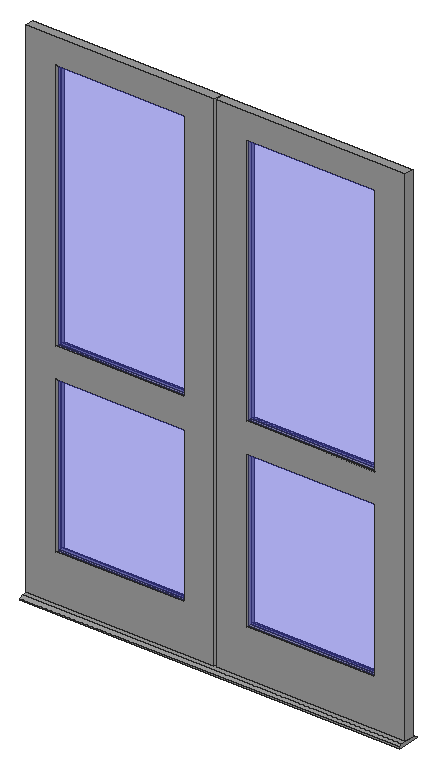
Revit family "WS-500 DOOR-Double-VIP-1-SF_v04", category Curtain Panels, Revit 2015
Parameters
  Width [instance] = 6' - 2"
  VIP1 Panic Devices [instance] = no
  URL = "obe.com"
  Rough Width [instance] = 6' - 0"
  Offset [instance] = 0' - 0"
  Model = "WS-500 - 1\" DOOR\r\nWS-500 - 1\" Door Infill"
  Min Panel Width [instance] = if(Rough Width > 5' 11 255/256", Rough Width, 6' 0")  # 6' - 0"
  Manufacturer = "Oldcastle BuildingEnvelope®"
  Keynote = "08 11 00"
  Hinge [instance] = yes
  Height [instance] = 8' - 0"
  Pushbar Height [instance] = 3' - 5 1/4"  # constant formula
  Glass Material = Glass
  Frame Material = Aluminum
  Door Panel Height [instance] = Height + 0' 0 17/32"  # 8' - 0 17/32"
  Description = "WS-500 - 1\" Door Infill"
  Assembly Code = "B2030\r\nB2030\r\n"
  Analytic Construction = "<None>"
  8 Bottom Rail [instance] = yes
Reference planes (in)
  plane 1 "Front": y = 0
  plane 2: z = 0
  plane 3 "Center (Left/Right)": x = 0
  plane 4 "Left": x = -37
  plane 5 "Right": x = 37
  plane 6 "Top": z = 96
  plane 7: x = -36
  plane 8: x = 36
Text (in)
  text "Exterior" at (-54.29358, 31.38743, 0), in view "Ref. Level"
  text "Exterior" at (480, 41.53993, 89.60405), in view "Right"
  text "Exterior" at (-240, 57.82419, 105.78864), in view "Left"
Dimensions and locks (in)
  equal spacing: plane 4 "Left", plane 3 "Center (Left/Right)", plane 5 "Right"
  "Width": plane 4 "Left" to plane 5 "Right"
  "Height": plane 6 "Top" to plane 2
  equal spacing: plane 7, plane 3 "Center (Left/Right)", plane 8
  "Min Panel Width": plane 7 to plane 8
  aligned and locked: level to plane 2
  aligned and locked: plane 3 "Center (Left/Right)" to nested 1
  aligned and locked: plane 1 "Front" to nested 1
Nested families (in)
  nested 1: "WS-500 DOOR-Double-VIP-1-Panel_v03" at (0, -16, 0), VIP1 Panic Devices <- "VIP1 Panic Devices", Hinge <- "Hinge", 8 Bottom Rail <- "8 Bottom Rail", Height <- "Door Panel Height", Width <- "Min Panel Width", Glass Material <- "Glass Material", Frame Material <- "Frame Material", Offset <- "Offset", type "WS-500 DOOR-Double-VIP-1-Panel_v03"
    with Wing Width 3' - 0", built-in parameter 1001301 6' - 0", VIP1 Panic Devices no, Pushbar Height 3' - 5 1/4", Offset 0' - 0", Hinge yes, built-in parameter 1001300 8' - 0 17/32", Glass at Muntin 0' - 4 15/16", Glass Material Glass, Frame Material Aluminum, Bottom Rail 0' - 9 5/32", 8 Bottom Rail yes, 10 Bottom Rail no
Definition of nested family "WS-500 DOOR-Double-VIP-1-Panel_v03"
  Parameters (values of type "WS-500 DOOR-Double-VIP-1-Panel_v03")
    Wing Width [instance] = Width / 2  # 3' - 0"
    Width [instance] = 6' - 0"
    VIP1 Panic Devices [instance] = no
    URL = "obe.com"
    Offset [instance] = 0' - 1"
    Model = "WS-500 DOOR"
    Manufacturer = "Oldcastle BuildingEnvelope®"
    Keynote = "08 11 00\r\n08 11 00"
    Hinge [instance] = yes
    Height [instance] = 8' - 0"
    Glass at Muntin [instance] = if(VIP1 Panic Devices, 0' 8 15/16", 0' 4 15/16")  # 0' - 4 15/16"
    Pushbar Height [instance] = 3' - 5 1/4"  # constant formula
    Glass Material [instance] = none
    Frame Material [instance] = none
    Description = "WS-500 - 1\" Door Infill"
    Bottom Rail [instance] = if([8 Bottom Rail], 0' 9 5/32", 0' 11 5/32")  # 0' - 9 5/32"
    Assembly Code = "B2030"
    8 Bottom Rail [instance] = yes
    10 Bottom Rail [instance] = not([8 Bottom Rail])  # no
  Reference planes (in)
    plane 1 "Center": y = 14.0625
    plane 2: z = 0
    plane 3 "Center (Left/Right)": x = 0
    plane 4: z = 96
    plane 5: x = 36
    plane 6: x = -36
    plane 7 "Center (Front/Back)": y = 16
    plane 8 "Exterior": y = 14.5625
    plane 9: z = 48
    plane 10: z = 38.78125
    plane 11: z = 43.71875
    plane 12: z = 91
    plane 13: z = 9.15625
    plane 14 "Offset": y = 15
    plane 15: z = 41.25
  Forms (in)
    Sweep 1, solid, material <- "Frame Material"
      path origin (0, 14.0625, 0) x (1, 0, 0) y (0, 0, 1)
        loop
          line (-35.56475, 96) -> (-0.22004, 96)
      profile origin (-17.8924, 14.0625, 96) x (0, 0, 1) y (0, -1, 0)
        loop
          line (-0.53125, -0.875) -> (-0.53125, 0.875) -> (-5.28125, 0.875) -> (-5.28125, 0.5) -> (-5, 0.5) -> (-5, -0.5) -> (-5.28125, -0.5) -> (-5.28125, -0.875) -> (-0.53125, -0.875)
    Sweep 2, solid, material <- "Frame Material"
      path origin (0, 14.0625, 0) x (1, 0, 0) y (0, 0, 1)
        loop
          line (-0.22004, 0) -> (-35.56475, 0)
      profile origin (-17.8924, 14.0625, 0) x (0, 0, -1) y (0, -1, 0)
        loop
          line (-5.4375, -0.875) -> (-0.6875, -0.875) -> (-0.6875, 0.875) -> (-5.4375, 0.875) -> (-9.4375, 0.875) -> (-9.4375, 0.5) -> (-9.15625, 0.5) -> (-9.15625, -0.5) -> (-9.4375, -0.5) -> (-9.4375, -0.875) -> (-5.4375, -0.875)
    Sweep 3, solid, material <- "Frame Material"
      path origin (0, 14.0625, 0) x (1, 0, 0) y (0, 0, 1)
        loop
          line (36, 95.46875) -> (36, 0.6875)
      profile origin (36, 14.0625, 48.07812) x (0, -1, 0) y (1, 0, 0)
        loop
          line (-0.875, -0.32625) -> (-0.875, -6.07625) -> (-0.5, -6.07625) -> (-0.5, -5.795) -> (0.5, -5.795) -> (0.5, -6.07625) -> (0.875, -6.07625) -> (0.875, -0.43525) -> (-0.875, -0.32625)
    Sweep 4, solid, material <- "Frame Material"
      path origin (0, 14.0625, 0) x (1, 0, 0) y (0, 0, 1)
        loop
          line (-36, 95.46875) -> (-36, 0.6875)
      profile origin (-36, 14.0625, 48.07812) x (0, -1, 0) y (1, 0, 0)
        loop
          line (-0.875, 0.32625) -> (0.875, 0.43525) -> (0.875, 6.07625) -> (0.5, 6.07625) -> (0.5, 5.795) -> (-0.5, 5.795) -> (-0.5, 6.07625) -> (-0.875, 6.07625) -> (-0.875, 0.32625)
    Sweep 5, solid, material <- "Frame Material"
      path origin (0, 14.0625, 0) x (1, 0, 0) y (0, 0, 1)
        loop
          line (-5.53125, 48) -> (-30.205, 48)
      profile origin (-17.86813, 14.0625, 48) x (0, 0, -1) y (0, -1, 0)
        loop
          line (9.5, -0.875) -> (9.5, -0.5) -> (9.21875, -0.5) -> (9.21875, 0.5) -> (9.5, 0.5) -> (9.5, 0.875) -> (4, 0.875) -> (4, 0.5) -> (4.28125, 0.5) -> (4.28125, -0.5) -> (4, -0.5) -> (4, -0.875) -> (9.5, -0.875)
    Sweep 6, solid, material <- "Frame Material"
      path origin (0, 14.0625, 0) x (1, 0, 0) y (0, 0, 1)
        loop
          line (0, 95.46875) -> (0, 0.6875)
      profile origin (0, 14.0625, 48.07812) x (0, -1, 0) y (1, 0, 0)
        loop
          line (-0.875, -0.22063) -> (-0.875, -5.8125) -> (-0.5, -5.8125) -> (-0.5, -5.53125) -> (0.5, -5.53125) -> (0.5, -5.8125) -> (0.875, -5.8125) -> (0.875, -0.22063)
          arc (0.875, -0.22063) -> (0, -0.0625) -> (-0.875, -0.22063) r 2.5
        loop
          line (0.875, 5.8125) -> (0.5, 5.8125) -> (0.5, 5.53125) -> (-0.5, 5.53125) -> (-0.5, 5.8125) -> (-0.875, 5.8125) -> (-0.875, 0.22063)
          arc (-0.875, 0.22063) -> (0, 0.0625) -> (0.875, 0.22063) r 2.5
          line (0.875, 0.22063) -> (0.875, 5.8125)
    Sweep 7, solid, material <- "Frame Material"
      path origin (0, 14.0625, 0) x (1, 0, 0) y (0, 0, 1)
        loop
          line (0.22004, 96) -> (35.56475, 96)
      profile origin (17.8924, 14.0625, 96) x (0, 0, 1) y (0, -1, 0)
        loop
          line (-0.53125, -0.875) -> (-0.53125, 0.875) -> (-5.28125, 0.875) -> (-5.28125, 0.5) -> (-5, 0.5) -> (-5, -0.5) -> (-5.28125, -0.5) -> (-5.28125, -0.875) -> (-0.53125, -0.875)
    Sweep 8, solid, material <- "Frame Material"
      path origin (0, 14.0625, 0) x (1, 0, 0) y (0, 0, 1)
        loop
          line (30.205, 48) -> (5.53125, 48)
      profile origin (17.86813, 14.0625, 48) x (0, 0, -1) y (0, -1, 0)
        loop
          line (9.5, -0.875) -> (9.5, -0.5) -> (9.21875, -0.5) -> (9.21875, 0.5) -> (9.5, 0.5) -> (9.5, 0.875) -> (4, 0.875) -> (4, 0.5) -> (4.28125, 0.5) -> (4.28125, -0.5) -> (4, -0.5) -> (4, -0.875) -> (9.5, -0.875)
    Sweep 9, solid, material <- "Frame Material"
      path origin (0, 14.0625, 0) x (1, 0, 0) y (0, 0, 1)
        loop
          line (35.56475, 0) -> (0.22004, 0)
      profile origin (17.8924, 14.0625, 0) x (0, 0, -1) y (0, -1, 0)
        loop
          line (-9.4375, -0.5) -> (-9.4375, -0.875) -> (-0.6875, -0.875) -> (-0.6875, 0.875) -> (-9.4375, 0.875) -> (-9.4375, 0.5) -> (-9.15625, 0.5) -> (-9.15625, -0.5) -> (-9.4375, -0.5)
    Extrusion 10, solid, material <- "Glass Material", detail levels coarse
      sketch origin (0, 0, 0) x (1, 0, 0) y (0, 1, 0)
        loop
          line (-30.205, 14.5625) -> (-30.205, 13.5625) -> (-5.53125, 13.5625) -> (-5.53125, 14.5625) -> (-30.205, 14.5625)
      from 9.15625 to 38.78125
    Extrusion 11, solid, material <- "Glass Material", detail levels coarse
      sketch origin (0, 0, 0) x (1, 0, 0) y (0, 1, 0)
        loop
          line (5.53125, 14.5625) -> (5.53125, 13.5625) -> (30.205, 13.5625) -> (30.205, 14.5625) -> (5.53125, 14.5625)
      from 9.15625 to 38.78125
    Extrusion 12, solid, material <- "Glass Material", detail levels coarse
      sketch origin (0, 0, 0) x (1, 0, 0) y (0, 1, 0)
        loop
          line (-5.53125, 14.5625) -> (-30.205, 14.5625) -> (-30.205, 13.5625) -> (-5.53125, 13.5625) -> (-5.53125, 14.5625)
      from 43.71875 to 91
    Extrusion 13, solid, material <- "Glass Material", detail levels coarse
      sketch origin (0, 0, 0) x (1, 0, 0) y (0, 1, 0)
        loop
          line (30.205, 14.5625) -> (5.53125, 14.5625) -> (5.53125, 13.5625) -> (30.205, 13.5625) -> (30.205, 14.5625)
      from 43.71875 to 91
    Extrusion 14, solid, material <- "Glass Material", detail levels medium+fine
      sketch origin (0, 0, 0) x (1, 0, 0) y (0, 1, 0)
        loop
          line (5.53125, 13.5625) -> (30.205, 13.5625) -> (30.205, 13.8105) -> (5.53125, 13.8105) -> (5.53125, 13.5625)
        loop
          line (30.205, 14.5625) -> (5.53125, 14.5625) -> (5.53125, 14.3145) -> (30.205, 14.3145) -> (30.205, 14.5625)
      from 9.15625 to 38.78125
    Extrusion 15, solid, material <- "Glass Material", detail levels medium+fine
      sketch origin (0, 0, 0) x (1, 0, 0) y (0, 1, 0)
        loop
          line (30.205, 13.5625) -> (30.205, 13.8105) -> (5.53125, 13.8105) -> (5.53125, 13.5625) -> (30.205, 13.5625)
        loop
          line (5.53125, 14.5625) -> (5.53125, 14.3145) -> (30.205, 14.3145) -> (30.205, 14.5625) -> (5.53125, 14.5625)
      from 43.71875 to 91
    Extrusion 16, solid, material <- "Glass Material", detail levels medium+fine
      sketch origin (0, 0, 0) x (1, 0, 0) y (0, 1, 0)
        loop
          line (-5.53125, 13.5625) -> (-5.53125, 13.8105) -> (-30.205, 13.8105) -> (-30.205, 13.5625) -> (-5.53125, 13.5625)
        loop
          line (-30.205, 14.5625) -> (-30.205, 14.3145) -> (-5.53125, 14.3145) -> (-5.53125, 14.5625) -> (-30.205, 14.5625)
      from 43.71875 to 91
    Extrusion 17, solid, material <- "Glass Material", detail levels medium+fine
      sketch origin (0, 0, 0) x (1, 0, 0) y (0, 1, 0)
        loop
          line (-30.205, 13.5625) -> (-5.53125, 13.5625) -> (-5.53125, 13.8105) -> (-30.205, 13.8105) -> (-30.205, 13.5625)
        loop
          line (-5.53125, 14.5625) -> (-30.205, 14.5625) -> (-30.205, 14.3145) -> (-5.53125, 14.3145) -> (-5.53125, 14.5625)
      from 9.15625 to 38.78125
    Sweep 18, solid, material <- "Frame Material"
      path origin (0, 15, 0) x (1, 0, 0) y (0, 0, 1)
        loop
          line (-35.56475, 0) -> (35.56475, 0)
      profile origin (0, 15, 0) x (0, 0, 1) y (0, -1, 0)
        loop
          line (0.5, 2.468) -> (0.19364, 3.125) -> (0, 3.125) -> (0, -0.875) -> (0.19364, -0.875) -> (0.5, -0.218) -> (0.5, 2.468)
  Cuts and joins
    joined: Sweep 1, Sweep 2, Sweep 3, Sweep 4, Sweep 5, Sweep 6, Sweep 7, Sweep 8, Sweep 9
  Lines and regions (in)
    model lines
      curve 1: line (5.53125, 14.5625, 91) -> (30.205, 14.5625, 48)
      curve 2: line (30.205, 14.5625, 48) -> (5.53125, 14.5625, 9.15625)
      curve 3: line (-5.53125, 14.5625, 91) -> (-30.205, 14.5625, 48)
      curve 4: line (-30.205, 14.5625, 48) -> (-5.53125, 14.5625, 9.15625)
  Dimensions and locks (in)
    "Height": plane 4 to level
    "Width": plane 6 to plane 5
    equal spacing: level, plane 9, plane 4
    locked: Sweep 2 sketch curve to plane 6 at 0.43525
    locked: plane 3 "Center (Left/Right)" to Sweep 2 sketch curve at 0.22004
    locked: Sweep 3 sketch curve to plane 4 at 0.53125
    locked: Sweep 4 sketch curve to plane 4 at 0.53125
    locked: Sweep 1 sketch curve to plane 6 at 0.43525
    locked: plane 3 "Center (Left/Right)" to Sweep 1 sketch curve at 0.22004
    locked: plane 3 "Center (Left/Right)" to Sweep 5 sketch curve at 5.53125
    locked: Sweep 5 sketch curve to plane 6 at 5.795
    locked: Sweep 7 sketch curve to plane 3 "Center (Left/Right)" at 0.22004
    locked: plane 5 to Sweep 7 sketch curve at 0.43525
    locked: plane 5 to Sweep 8 sketch curve at 5.795
    Sweep 8 sketch curve to plane 3 "Center (Left/Right)" = 0' - 5 17/32"
    locked: plane 5 to Sweep 9 sketch curve at 0.43525
    locked: Sweep 9 sketch curve to plane 3 "Center (Left/Right)" at 0.22004
    Extrusion 11 sketch curve to plane 1 "Center" to Extrusion 11 sketch curve = 0' - 0 1/2", 0' - 0 1/2"
    locked: Extrusion 11 sketch curve to plane 5 at 5.795
    plane 3 "Center (Left/Right)" to Extrusion 11 sketch curve = 0' - 5 17/32"
    Extrusion 10 sketch curve to plane 1 "Center" to Extrusion 10 sketch curve = 0' - 0 1/2" locked, 0' - 0 1/2" locked
    locked: plane 6 to Extrusion 10 sketch curve at 5.795
    locked: Extrusion 10 sketch curve to plane 3 "Center (Left/Right)" at 5.53125
    locked: plane 6 to Extrusion 12 sketch curve at 5.795
    locked: Extrusion 12 sketch curve to plane 3 "Center (Left/Right)" at 5.53125
    Extrusion 12 sketch curve to plane 1 "Center" to Extrusion 12 sketch curve = 0' - 0 1/2" locked, 0' - 0 1/2" locked
    Extrusion 13 sketch curve to plane 1 "Center" to Extrusion 13 sketch curve = 0' - 0 1/2" locked, 0' - 0 1/2" locked
    locked: Extrusion 13 sketch curve to plane 5 at 5.795
    locked: plane 3 "Center (Left/Right)" to Extrusion 13 sketch curve at 5.53125
    "Glass at Muntin": plane 10 to plane 11
    locked: plane 12 to plane 4 at 5
    locked: Sweep 8 sketch curve to plane 10 at 0.28125  (x2)
    locked: plane 11 to Sweep 8 sketch curve at 0.28125  (x2)
    locked: Extrusion 14 sketch curve to plane 5 at 5.795  (x2)
    locked: plane 3 "Center (Left/Right)" to Extrusion 14 sketch curve at 5.53125  (x2)
    Extrusion 14 sketch curve to Extrusion 14 sketch curve to plane 1 "Center" to Extrusion 14 sketch curve to Extrusion 14 sketch curve = 0' - 0.248" locked, 0' - 0.252" locked, 0' - 0.252" locked, 0' - 0.248" locked
    Extrusion 15 sketch curve to Extrusion 15 sketch curve to plane 1 "Center" to Extrusion 15 sketch curve to Extrusion 15 sketch curve = 0' - 0.248" locked, 0' - 0.252" locked, 0' - 0.252" locked, 0' - 0.248" locked
    locked: Extrusion 15 sketch curve to plane 5 at 5.795  (x2)
    locked: plane 3 "Center (Left/Right)" to Extrusion 15 sketch curve at 5.53125  (x2)
    locked: Sweep 5 sketch curve to plane 10 at 0.28125  (x2)
    locked: plane 11 to Sweep 5 sketch curve at 0.28125  (x2)
    Extrusion 16 sketch curve to Extrusion 16 sketch curve to nested 1 to Extrusion 16 sketch curve to Extrusion 16 sketch curve = 0' - 0.248" locked, 0' - 0.252" locked, 0' - 0.252" locked, 0' - 0.248" locked
    locked: plane 6 to Extrusion 16 sketch curve at 5.795  (x2)
    locked: Extrusion 16 sketch curve to plane 3 "Center (Left/Right)" at 5.53125  (x2)
    Extrusion 17 sketch curve to Extrusion 17 sketch curve to plane 1 "Center" to Extrusion 17 sketch curve to Extrusion 17 sketch curve = 0' - 0.248" locked, 0' - 0.252" locked, 0' - 0.252" locked, 0' - 0.248" locked
    locked: plane 6 to Extrusion 17 sketch curve at 5.795  (x2)
    locked: Extrusion 17 sketch curve to plane 3 "Center (Left/Right)" at 5.53125  (x2)
    locked: plane 4 to Sweep 6 sketch curve at 0.53125
    locked: plane 13 to Sweep 9 sketch curve at 0.28125  (x2)
    "Bottom Rail": plane 2 to plane 13
    equal spacing: plane 6, plane 3 "Center (Left/Right)", plane 5
    locked: plane 13 to Sweep 2 sketch curve at 0.28125  (x2)
    plane 1 "Center" to plane 8 "Exterior" to plane 14 "Offset" = 0' - 0 1/2" locked, 0' - 0 7/16" locked
    "Offset": plane 14 "Offset" to plane 7 "Center (Front/Back)"
    equal spacing: plane 10, plane 15, plane 11
    "Pushbar Height": plane 2 to plane 15
    locked: plane 5 to Sweep 18 sketch curve at 0.43525
    locked: Sweep 18 sketch curve to plane 6 at 0.43525
    locked: Sweep 4 sketch curve to plane 2 at 0.6875
    locked: Sweep 6 sketch curve to plane 2 at 0.6875
    locked: Sweep 3 sketch curve to plane 2 at 0.6875
    aligned and locked: plane 2 to level
    aligned and locked: plane 1 "Center" to nested 1
    aligned and locked: plane 3 "Center (Left/Right)" to nested 1
    aligned and locked: Sweep 1 sketch curve to plane 4
    aligned and locked: Sweep 2 sketch curve to level
    aligned and locked: level to nested 2
    aligned and locked: nested 2 to plane 1 "Center"
    aligned and locked: plane 5 to Sweep 3 sketch curve
    aligned and locked: plane 6 to Sweep 4 sketch curve
    aligned and locked: Sweep 5 sketch curve to plane 9
    aligned and locked: plane 3 "Center (Left/Right)" to Sweep 6 sketch curve
    aligned and locked: Sweep 9 sketch curve to level
    aligned and locked: Sweep 8 sketch curve to plane 9
    aligned and locked: plane 4 to Sweep 7 sketch curve
    aligned and locked: Sweep 8 sketch curve to plane 11
    aligned and locked: plane 10 to Sweep 8 sketch curve
    aligned and locked: plane 10 to Extrusion 11
    aligned and locked: plane 10 to Extrusion 14
    aligned and locked: Extrusion 13 to plane 11
    aligned and locked: plane 12 to Extrusion 13
    aligned and locked: plane 12 to Extrusion 15
    aligned and locked: Extrusion 15 to plane 11
    aligned and locked: Sweep 5 sketch curve to plane 11
    aligned and locked: plane 10 to Sweep 5 sketch curve
    aligned and locked: Extrusion 12 to plane 11
    aligned and locked: Extrusion 16 to plane 11
    aligned and locked: plane 12 to Extrusion 12
    aligned and locked: plane 12 to Extrusion 16
    aligned and locked: Extrusion 17 to plane 10
    aligned and locked: Extrusion 10 to plane 10
    aligned and locked: cut or joined group of Sweep 1, Sweep 2, Sweep 3, Sweep 4, Sweep 5, Sweep 6, Sweep 7, Sweep 8, Sweep 9 to curve 2
    aligned and locked: cut or joined group of Sweep 1, Sweep 2, Sweep 3, Sweep 4, Sweep 5, Sweep 6, Sweep 7, Sweep 8, Sweep 9 to curve 1
    aligned and locked: cut or joined group of Sweep 1, Sweep 2, Sweep 3, Sweep 4, Sweep 5, Sweep 6, Sweep 7, Sweep 8, Sweep 9 to curve 3
    aligned and locked: cut or joined group of Sweep 1, Sweep 2, Sweep 3, Sweep 4, Sweep 5, Sweep 6, Sweep 7, Sweep 8, Sweep 9 to curve 4
    aligned and locked: plane 13 to Extrusion 11
    aligned and locked: plane 13 to Extrusion 14
    aligned and locked: plane 9 to curve 4
    aligned and locked: plane 9 to curve 2
    aligned and locked: Sweep 2 sketch curve to plane 13
    aligned and locked: plane 13 to Extrusion 10
    aligned and locked: plane 13 to Extrusion 17
    aligned and locked: Sweep 18 sketch curve to plane 2
  Automatic sketch dimensions
    Sweep 4 sketch curve to plane 1 "Center" = 0' - 0 7/8"
    Sweep 4 sketch curve to profile plane = 0' - 0.32625"
    plane 1 "Center" to Sweep 4 sketch curve = 0' - 0 7/8"
    Sweep 4 sketch curve to Sweep 4 sketch curve = 0' - 0.109"
    Sweep 4 sketch curve to Sweep 4 sketch curve = 0' - 5 3/4"
    Sweep 4 sketch curve to Sweep 4 sketch curve = 0' - 0"
    Sweep 4 sketch curve to Sweep 4 sketch curve = 0' - 0 3/8"  (x2)
    Sweep 4 sketch curve to Sweep 4 sketch curve = 0' - 0 9/32"
    plane 1 "Center" to Sweep 6 sketch curve = 0' - 0"
    profile plane to Sweep 6 sketch curve = 0' - 0.22063"  (x2)
    Sweep 6 sketch curve to Sweep 6 sketch curve = 0' - 2.34187"  (x2)
    Sweep 6 sketch curve to Sweep 6 sketch curve = 0' - 3 1/4"
    Sweep 6 sketch curve to Sweep 6 sketch curve = 0' - 0 3/8"  (x4)
    Sweep 6 sketch curve to Sweep 6 sketch curve = 0' - 0 9/32"  (x4)
    plane 1 "Center" to Sweep 6 sketch curve = 0' - 0 1/2"
    plane 1 "Center" to Sweep 6 sketch curve = 0' - 0 7/8"
    Sweep 6 sketch curve to profile plane = 0' - 5 13/16"
    Sweep 6 sketch curve to profile plane = 0' - 0.22063"  (x2)
    Sweep 6 sketch curve to plane 1 "Center" = 0' - 0 1/2"
    Sweep 3 sketch curve to plane 1 "Center" = 0' - 0 7/8"
    profile plane to Sweep 3 sketch curve = 0' - 0.43525"
    Sweep 3 sketch curve to Sweep 3 sketch curve = 0' - 0.109"
    Sweep 3 sketch curve to Sweep 3 sketch curve = 0' - 5 3/4"
    Sweep 3 sketch curve to Sweep 3 sketch curve = 0' - 0 3/8"  (x2)
    Sweep 3 sketch curve to Sweep 3 sketch curve = 0' - 0 9/32"  (x2)
    plane 1 "Center" to Sweep 3 sketch curve = 0' - 0 1/2"
    Sweep 8 sketch curve to plane 1 "Center" = 0' - 0 7/8"
    Sweep 8 sketch curve to Sweep 8 sketch curve = 0' - 0 3/8"  (x4)
    plane 1 "Center" to Sweep 8 sketch curve = 0' - 0 1/2"
    Sweep 9 sketch curve to Sweep 9 sketch curve = 0' - 0 3/8"  (x2)
    plane 1 "Center" to Sweep 9 sketch curve = 0' - 0 1/2"
    profile plane to Sweep 9 sketch curve = 0' - 0 11/16"
    profile plane to Sweep 1 sketch curve = 0' - 0 17/32"
    Sweep 1 sketch curve to plane 1 "Center" = 0' - 0 7/8"
    Sweep 1 sketch curve to Sweep 1 sketch curve = 0' - 4 3/4"
    plane 1 "Center" to Sweep 1 sketch curve = 0' - 0 7/8"
    Sweep 1 sketch curve to Sweep 1 sketch curve = 0' - 0"
    Sweep 1 sketch curve to Sweep 1 sketch curve = 0' - 0 3/8"  (x2)
    Sweep 1 sketch curve to Sweep 1 sketch curve = 0' - 0 9/32"
    plane 1 "Center" to Sweep 5 sketch curve = 0' - 0 7/8"
    Sweep 5 sketch curve to plane 1 "Center" = 0' - 0 1/2"
    Sweep 5 sketch curve to Sweep 5 sketch curve = 0' - 0 3/8"  (x4)
    profile plane to Sweep 7 sketch curve = 0' - 0 17/32"
    Sweep 7 sketch curve to plane 1 "Center" = 0' - 0 7/8"
    Sweep 7 sketch curve to Sweep 7 sketch curve = 0' - 4 3/4"
    plane 1 "Center" to Sweep 7 sketch curve = 0' - 0 7/8"
    Sweep 7 sketch curve to Sweep 7 sketch curve = 0' - 0"
    Sweep 7 sketch curve to Sweep 7 sketch curve = 0' - 0 3/8"  (x2)
    Sweep 7 sketch curve to Sweep 7 sketch curve = 0' - 0 9/32"
    plane 1 "Center" to Sweep 2 sketch curve = 0' - 0 7/8"
    plane 1 "Center" to Sweep 2 sketch curve = 0' - 0 1/2"
    Sweep 2 sketch curve to Sweep 2 sketch curve = 0' - 3 23/32"
    Sweep 2 sketch curve to plane 1 "Center" = 0' - 0 1/2"
    Sweep 2 sketch curve to Sweep 2 sketch curve = 0' - 0"
    Sweep 9 sketch curve to Sweep 9 sketch curve = 0' - 0 9/32"
    curve 2 to plane 13 = 0' - 0"
    curve 4 to plane 13 = 0' - 0"
    curve 3 to plane 12 = 0' - 0"
    curve 1 to plane 12 = 0' - 0"
    plane 6 to curve 3 = 0' - 5.795"
    curve 2 to plane 5 = 0' - 5.795"
    Sweep 2 sketch curve to plane 1 "Center" = 0' - 0 7/8"
    profile plane to Sweep 2 sketch curve = 0' - 0 11/16"
    Sweep 9 sketch curve to plane 1 "Center" = 0' - 0 7/8"
    Sweep 18 sketch curve to profile plane = 0' - 0.19364"  (x2)
    Sweep 18 sketch curve to plane 14 "Offset" = 0' - 0 7/8"
    Sweep 18 sketch curve to plane 14 "Offset" = 0' - 0.218"
    Sweep 18 sketch curve to Sweep 18 sketch curve = 0' - 2.686"
    Sweep 18 sketch curve to profile plane = 0' - 0"
    Sweep 18 sketch curve to profile plane = 0' - 0 1/2"
    Sweep 18 sketch curve to Sweep 18 sketch curve = 0' - 0.657"
  Nested families (in)
    nested 1: "WS-500 DOOR-Double-VIP-1-Plan View" at (0, 14.0625, 0), Width <- "Width", Wing Width <- "Wing Width", Hinge <- "Hinge", type "WS-500 DOOR-Double-VIP-1-Plan View"
      with Wing Width 3' - 0", Width 6' - 0", Hinge yes
    nested 2: "WS-500 DOOR-Double-VIP-1-Section_v02" at (0, 14.0625, 0) x (0, -1, 0) z (1, 0, 0), Height <- "Height", VIP1 Panic Devices <- "VIP1 Panic Devices", 8 Bottom Rail <- "8 Bottom Rail", type "WS-500 DOOR-Double-VIP-1-Section_v02"
      with VIP2 Panic Devices yes, VIP1 Panic Devices no, Pushbar Height 3' - 5 1/4", Height 8' - 0", Glass at Muntins 0' - 4 15/16", Bottom Rail 0' - 9 5/32", 8 Bottom Rail yes, 10 Bottom Rail no
  Definition of nested family "WS-500 DOOR-Double-VIP-1-Plan View"
    Parameters (values of type "WS-500 DOOR-Double-VIP-1-Plan View")
      Wing Width [instance] = Width / 2  # 2' - 6"
      Width [instance] = 5' - 0"
      Hinge [instance] = yes
    Reference planes (in)
      plane 1 "Center (Front/Back)": y = 0
      plane 2: z = 0
      plane 3 "Center (Left/Right)": x = 0
      plane 4: x = -30
      plane 5: x = 30
      plane 6: x = 28.68437
      plane 7: x = -28.68437
    Lines and regions (in)
      detail lines, in view "Ref. Level", not visible
        curve 1: line (-24.205, 0.5, 0) -> (-5.53125, 0.5, 0)
        curve 2: line (-24.205, -0.5, 0) -> (-5.53125, -0.5, 0)
        curve 8: line (5.53125, -0.5, 0) -> (24.205, -0.5, 0)
        curve 9: line (5.53125, 0.5, 0) -> (24.205, 0.5, 0)
        curve 27: line (-24.205, -0.252, 0) -> (-5.53125, -0.252, 0)
        curve 28: line (-24.205, 0.252, 0) -> (-5.53125, 0.252, 0)
        curve 29: line (5.53125, 0.252, 0) -> (24.205, 0.252, 0)
        curve 30: line (5.53125, -0.252, 0) -> (24.205, -0.252, 0)
      detail lines, in view "Ref. Level"
        curve 3: line (28.18437, 6.91175, 0) -> (28.18437, 24.46956, 0)
        curve 7: line (29.18437, 6.91175, 0) -> (29.18437, 24.46956, 0)
        curve 10: line (-28.18437, 6.91175, 0) -> (-28.18437, 24.46956, 0)
        curve 14: line (-29.18437, 6.91175, 0) -> (-29.18437, 24.46956, 0)
        curve 15: arc (0.0625, 0, 0) -> (8.67577, 21.01264, 0) -> (29.55937, 29.93426, 0) r 29.9375
        curve 16: arc (-0.0625, 0, 0) -> (-8.67577, 21.01264, 0) -> (-29.55937, 29.93426, 0) r 29.9375
      detail lines, in view "Ref. Level", detail levels fine
        curve 4: line (28.24637, 6.91175, 0) -> (28.24637, 24.46956, 0)
        curve 5: line (28.30837, 6.91175, 0) -> (28.30837, 24.46956, 0)
        curve 6: line (28.37037, 6.91175, 0) -> (28.37037, 24.46956, 0)
        curve 11: line (-28.99837, 6.91175, 0) -> (-28.99837, 24.46956, 0)
        curve 12: line (-29.06037, 6.91175, 0) -> (-29.06037, 24.46956, 0)
        curve 13: line (-29.12237, 6.91175, 0) -> (-29.12237, 24.46956, 0)
        curve 17: line (-28.24637, 6.91175, 0) -> (-28.24637, 24.46956, 0)
        curve 18: line (-28.30837, 6.91175, 0) -> (-28.30837, 24.46956, 0)
        curve 19: line (-28.37037, 6.91175, 0) -> (-28.37037, 24.46956, 0)
        curve 22: line (28.99837, 6.91175, 0) -> (28.99837, 24.46956, 0)
        curve 23: line (29.06037, 6.91175, 0) -> (29.06037, 24.46956, 0)
        curve 24: line (29.12237, 6.91175, 0) -> (29.12237, 24.46956, 0)
      detail lines, in view "Ref. Level", detail levels medium+fine
        curve 20: line (-28.93637, 6.91175, 0) -> (-28.93637, 24.46956, 0)
        curve 21: line (-28.43237, 6.91175, 0) -> (-28.43237, 24.46956, 0)
        curve 25: line (28.43237, 6.91175, 0) -> (28.43237, 24.46956, 0)
        curve 26: line (28.93637, 6.91175, 0) -> (28.93637, 24.46956, 0)
    Dimensions and locks (in)
      equal spacing: plane 4, plane 3 "Center (Left/Right)", plane 5
      locked: plane 5 to plane 6 at 1.31563
      locked: plane 4 to plane 7 at 1.31563
      "Wing Width": plane 1 "Center (Front/Back)" to nested 3
      "Wing Width": plane 1 "Center (Front/Back)" to nested 4
      "Wing Width": plane 4 to plane 3 "Center (Left/Right)"
      "Wing Width": plane 3 "Center (Left/Right)" to plane 5
      locked: nested 9 to plane 1 "Center (Front/Back)" at 1.13325
      locked: nested 8 to plane 1 "Center (Front/Back)" at 1.13325
      locked: plane 5 to nested 10 at 2.25
      locked: plane 5 to nested 5 at 2.25
      locked: nested 7 to plane 4 at 2.25
      locked: nested 6 to plane 4 at 2.25
      aligned and locked: plane 3 "Center (Left/Right)" to nested 1
      aligned and locked: nested 1 to plane 1 "Center (Front/Back)"
      aligned and locked: plane 3 "Center (Left/Right)" to nested 2
      aligned and locked: nested 2 to plane 1 "Center (Front/Back)"
      aligned and locked: nested 3 to plane 6
      aligned and locked: plane 7 to nested 4
      aligned and locked: nested 5 to plane 1 "Center (Front/Back)"
      aligned and locked: plane 1 "Center (Front/Back)" to nested 6
      aligned and locked: plane 1 "Center (Front/Back)" to nested 7
      aligned and locked: nested 10 to plane 1 "Center (Front/Back)"
      aligned and locked: plane 7 to nested 8
      aligned and locked: nested 9 to plane 6
    Automatic sketch dimensions
      plane 1 "Center (Front/Back)" to curve 16 = 0' - 0"
      curve 16 to plane 4 = 0' - 0"
      plane 1 "Center (Front/Back)" to curve 15 = 0' - 0"
      curve 15 to plane 5 = 0' - 0"
      plane 4 to curve 16 = 0' - 0.44063"
      curve 14 to plane 7 = 0' - 0 1/2"
      curve 14 to curve 13 = 0' - 0.062"
      curve 13 to curve 12 = 0' - 0.062"
      curve 12 to curve 11 = 0' - 0.062"
      curve 11 to curve 20 = 0' - 0.062"
      plane 7 to curve 21 = 0' - 0.252"
      curve 21 to curve 19 = 0' - 0.062"
      curve 19 to curve 18 = 0' - 0.062"
      curve 18 to curve 17 = 0' - 0.062"
      curve 17 to curve 10 = 0' - 0.062"
      curve 1 to plane 1 "Center (Front/Back)" = 0' - 0 1/2"
      plane 7 to curve 1 = 0' - 4.47936"
      curve 28 to curve 1 = 0' - 0"  (x2)
      plane 1 "Center (Front/Back)" to curve 27 = 0' - 0.252"
      curve 27 to curve 28 = 0' - 0"
      curve 2 to curve 27 = 0' - 0"  (x2)
      curve 27 to plane 3 "Center (Left/Right)" = 0' - 5 17/32"
      curve 1 to curve 27 = 0' - 0"
      curve 16 to plane 3 "Center (Left/Right)" = 0' - 0 1/16"
      plane 3 "Center (Left/Right)" to curve 15 = 0' - 0 1/16"
      plane 1 "Center (Front/Back)" to curve 8 = 0' - 0 1/2"
      curve 15 to curve 8 = 0' - 5 15/32"
      curve 29 to plane 1 "Center (Front/Back)" = 0' - 0.252"
      curve 29 to curve 8 = 0' - 0"
      curve 30 to curve 8 = 0' - 0"  (x2)
      curve 9 to curve 29 = 0' - 0"  (x2)
      plane 6 to curve 29 = 0' - 4.47936"
      curve 8 to curve 29 = 0' - 0"
      plane 6 to curve 3 = 0' - 0 1/2"
      curve 3 to curve 4 = 0' - 0.062"
      curve 4 to curve 5 = 0' - 0.062"
      curve 5 to curve 6 = 0' - 0.062"
      curve 6 to curve 25 = 0' - 0.062"
      curve 26 to plane 6 = 0' - 0.252"
      curve 26 to curve 22 = 0' - 0.062"
      curve 22 to curve 23 = 0' - 0.062"
      curve 23 to curve 24 = 0' - 0.062"
      curve 24 to curve 7 = 0' - 0.062"
      curve 15 to plane 5 = 0' - 0.44063"
      curve 8 to curve 30 = 0' - 0.248"
      curve 2 to curve 27 = 0' - 0.248"
      curve 28 to curve 1 = 0' - 0.248"
      curve 29 to curve 9 = 0' - 0.248"
      curve 6 to plane 1 "Center (Front/Back)" = 0' - 6.91175"
      curve 12 to plane 1 "Center (Front/Back)" = 0' - 6.91175"
      curve 12 to curve 10 = 0' - 0"
      curve 12 to curve 11 = 0' - 0"  (x2)
      curve 13 to curve 12 = 0' - 0"  (x2)
      curve 3 to curve 6 = 0' - 0"
      curve 14 to curve 13 = 0' - 0"  (x2)
      curve 6 to curve 26 = 0' - 0"
      curve 6 to curve 25 = 0' - 0"  (x2)
      curve 5 to curve 6 = 0' - 0"
      curve 26 to curve 24 = 0' - 0"
      curve 23 to curve 24 = 0' - 0"  (x2)
      curve 4 to curve 5 = 0' - 0"  (x2)
      curve 22 to curve 23 = 0' - 0"  (x2)
      curve 17 to curve 10 = 0' - 0"  (x2)
      curve 21 to curve 17 = 0' - 0"
      curve 18 to curve 17 = 0' - 0"
      curve 24 to curve 7 = 0' - 0"
      curve 19 to curve 18 = 0' - 0"  (x2)
      curve 11 to curve 20 = 0' - 0"
      curve 19 to curve 16 = 0' - 5.46469"
      curve 20 to curve 19 = 0' - 0"
      curve 19 to curve 17 = 0' - 0"
      curve 21 to curve 19 = 0' - 0"
      curve 7 to curve 15 = 0' - 5.46469"
      curve 22 to curve 7 = 0' - 0"
      curve 4 to curve 22 = 0' - 0"
      curve 4 to curve 6 = 0' - 0"
      curve 14 to curve 20 = 0' - 0"
      curve 26 to curve 22 = 0' - 0"
      curve 3 to curve 4 = 0' - 0"
    Nested families (in)
      nested 1: "M STILE L-DI" at (0, 0, 0) x (-1, 0, 0) z (0, 0, 1), type "M STILE L-DI", in view "Ref. Level", not visible
      nested 2: "M STILE R-DI" at (0, 0, 0) x (-1, 0, 0) z (0, 0, 1), type "M STILE R-DI", in view "Ref. Level", not visible
      nested 3: "M STILE R-DI" at (28.68437, 30, 0) x (0, 1, 0) z (0, 0, 1), type "M STILE R-DI", in view "Ref. Level"
      nested 4: "M STILE R-DI" at (-28.68437, 30, 0) x (0, 1, 0) z (0, 0, 1), type "M STILE R-DI", in view "Ref. Level"
      nested 5: "HINGE-DI" at (32.25, 0, 0) x (-1, 0, 0) z (0, 0, 1), visible <- "Hinge", type "HINGE-DI", in view "Ref. Level"
      nested 6: "HINGE-DI" at (-32.25, 0, 0), visible <- "Hinge", type "HINGE-DI", in view "Ref. Level"
      nested 7: "HINGE-HD-DI" at (-32.25, 0, 0), type "HINGE-HD-DI", in view "Ref. Level", not visible
      nested 8: "HINGE-HD-DI" at (-28.68437, -1.13325, 0) x (0, 1, 0) z (0, 0, 1), type "HINGE-HD-DI", in view "Ref. Level"
      nested 9: "HINGE-HD-DI" at (28.68437, -1.13325, 0) x (0, 1, 0) z (0, 0, 1), type "HINGE-HD-DI", in view "Ref. Level"
      nested 10: "HINGE-HD-DI" at (32.25, 0, 0) x (-1, 0, 0) z (0, 0, 1), type "HINGE-HD-DI", in view "Ref. Level", not visible
    Definition of nested family "M STILE L-DI"
      Reference planes (in)
        plane 1 "Center (Front/Back)": y = 0
        plane 2: z = 0
        plane 3 "Center (Left/Right)": x = 0
      Lines and regions (in)
        detail lines, in view "Ref. Level"
          curve 1: line (0.22063, 0.875, 0) -> (5.8125, 0.875, 0)
          curve 2: line (5.8125, 0.875, 0) -> (5.8125, 0.5, 0)
          curve 3: line (5.8125, 0.5, 0) -> (5.53125, 0.5, 0)
          curve 4: line (5.53125, 0.5, 0) -> (5.53125, -0.5, 0)
          curve 5: line (5.53125, -0.5, 0) -> (5.8125, -0.5, 0)
          curve 6: line (5.8125, -0.5, 0) -> (5.8125, -0.875, 0)
          curve 7: line (5.8125, -0.875, 0) -> (0.22063, -0.875, 0)
          curve 8: arc (0.22063, 0.875, 0) -> (0.0625, 0, 0) -> (0.22063, -0.875, 0) r 2.5
    Definition of nested family "M STILE R-DI"
      Reference planes (in)
        plane 1 "Center (Front/Back)": y = 0
        plane 2: z = 0
        plane 3 "Center (Left/Right)": x = 0
      Lines and regions (in)
        detail lines, in view "Ref. Level"
          curve 1: line (-5.8125, 0.5, 0) -> (-5.53125, 0.5, 0)
          curve 2: line (-5.53125, 0.5, 0) -> (-5.53125, -0.5, 0)
          curve 3: line (-5.53125, -0.5, 0) -> (-5.8125, -0.5, 0)
          curve 4: line (-5.8125, -0.5, 0) -> (-5.8125, -0.875, 0)
          curve 5: line (-5.8125, -0.875, 0) -> (-0.22063, -0.875, 0)
          curve 6: line (-0.22063, 0.875, 0) -> (-5.8125, 0.875, 0)
          curve 7: line (-5.8125, 0.875, 0) -> (-5.8125, 0.5, 0)
          curve 8: arc (-0.22063, 0.875, 0) -> (-0.0625, 0, 0) -> (-0.22063, -0.875, 0) r 2.5
    Definition of nested family "HINGE-DI"
      Reference planes (in)
        plane 1 "Center (Front/Back)": y = 0
        plane 2: z = 0
        plane 3 "Center (Left/Right)": x = 0
    Definition of nested family "HINGE-HD-DI"
      Reference planes (in)
        plane 1 "Center (Front/Back)": y = 0
        plane 2: z = 0
        plane 3 "Center (Left/Right)": x = 0
      Lines and regions (in)
        detail lines, in view "Ref. Level"
          curve 1: line (2.68525, 0.875, 0) -> (8.32625, 0.875, 0)
          curve 2: line (8.32625, 0.875, 0) -> (8.32625, 0.5, 0)
          curve 3: line (8.32625, 0.5, 0) -> (8.045, 0.5, 0)
          curve 4: line (8.045, 0.5, 0) -> (8.045, -0.5, 0)
          curve 5: line (8.045, -0.5, 0) -> (8.32625, -0.5, 0)
          curve 6: line (8.32625, -0.5, 0) -> (8.32625, -0.875, 0)
          curve 7: line (8.32625, -0.875, 0) -> (2.57625, -0.875, 0)
          curve 8: line (2.57625, -0.875, 0) -> (2.68525, 0.875, 0)
  Definition of nested family "WS-500 DOOR-Double-VIP-1-Section_v02"
    Parameters (values of type "WS-500 DOOR-Double-VIP-1-Section_v02")
      VIP2 Panic Devices [instance] = not(VIP1 Panic Devices)  # no
      VIP1 Panic Devices [instance] = yes
      Height [instance] = 8' - 0"
      Pushbar Height [instance] = 3' - 5 1/4"  # constant formula
      Glass at Muntins [instance] = if(VIP2 Panic Devices, 0' 4 15/16", 0' 8 15/16")  # 0' - 8 15/16"
      Bottom Rail [instance] = if([10 Bottom Rail], 0' 11 5/32", 0' 9 5/32")  # 0' - 11 5/32"
      10 Bottom Rail [instance] = not([8 Bottom Rail])  # yes
      8 Bottom Rail [instance] = no
    Reference planes (in)
      plane 1 "Center (Front/Back)": y = 0
      plane 2: z = 0
      plane 3 "Center (Left/Right)": x = 0
      plane 4: y = 11.15625
      plane 5: y = 91
      plane 6: y = 96
      plane 7: y = 45.71875
      plane 8: y = 36.78125
      plane 9: y = 46
      plane 10: y = 41.25
      plane 11: y = 44
    Lines and regions (in)
      detail lines, in view "Ref. Level"
        curve 1: line (-0.5, 91, 0) -> (-0.5, 45.71875, 0)
        curve 5: line (0.5, 91, 0) -> (0.5, 45.71875, 0)
        curve 6: line (0.5, 36.78125, 0) -> (0.5, 11.15625, 0)
        curve 10: line (-0.5, 36.78125, 0) -> (-0.5, 11.15625, 0)
      detail lines, in view "Ref. Level", detail levels fine
        curve 2: line (-0.438, 91, 0) -> (-0.438, 45.71875, 0)
        curve 3: line (-0.376, 91, 0) -> (-0.376, 45.71875, 0)
        curve 4: line (-0.314, 91, 0) -> (-0.314, 45.71875, 0)
        curve 7: line (-0.314, 36.78125, 0) -> (-0.314, 11.15625, 0)
        curve 8: line (-0.376, 36.78125, 0) -> (-0.376, 11.15625, 0)
        curve 9: line (-0.438, 36.78125, 0) -> (-0.438, 11.15625, 0)
        curve 11: line (0.438, 36.78125, 0) -> (0.438, 11.15625, 0)
        curve 12: line (0.376, 36.78125, 0) -> (0.376, 11.15625, 0)
        curve 13: line (0.314, 36.78125, 0) -> (0.314, 11.15625, 0)
        curve 16: line (0.314, 91, 0) -> (0.314, 45.71875, 0)
        curve 17: line (0.376, 91, 0) -> (0.376, 45.71875, 0)
        curve 18: line (0.438, 91, 0) -> (0.438, 45.71875, 0)
      detail lines, in view "Ref. Level", detail levels medium+fine
        curve 14: line (0.252, 36.78125, 0) -> (0.252, 11.15625, 0)
        curve 15: line (-0.252, 36.78125, 0) -> (-0.252, 11.15625, 0)
        curve 19: line (-0.252, 91, 0) -> (-0.252, 45.71875, 0)
        curve 20: line (0.252, 91, 0) -> (0.252, 45.71875, 0)
    Dimensions and locks (in)
      "Bottom Rail": plane 4 to plane 1 "Center (Front/Back)"
      "Height": plane 6 to plane 1 "Center (Front/Back)"
      "Glass at Muntins": plane 8 to plane 7
      nested 1 to plane 6 to plane 5 = 0' - 3 3/32" locked, 0' - 5" locked
      plane 10 to plane 11 to plane 9 = 0' - 2 3/4" locked, 0' - 2" locked
      "Pushbar Height": plane 1 "Center (Front/Back)" to plane 10
      equal spacing: plane 8, plane 10, plane 7
      aligned and locked: plane 3 "Center (Left/Right)" to nested 1
      aligned and locked: plane 3 "Center (Left/Right)" to nested 2
      aligned and locked: plane 4 to curve 10
      aligned and locked: plane 4 to curve 9
      aligned and locked: plane 4 to curve 6
      aligned and locked: plane 4 to curve 7
      aligned and locked: plane 4 to curve 8
      aligned and locked: plane 3 "Center (Left/Right)" to nested 3
      aligned and locked: plane 7 to curve 1
      aligned and locked: plane 7 to curve 2
      aligned and locked: plane 7 to curve 3
      aligned and locked: plane 7 to curve 4
      aligned and locked: plane 7 to curve 5
      aligned and locked: plane 8 to curve 6
      aligned and locked: plane 8 to curve 7
      aligned and locked: plane 8 to curve 8
      aligned and locked: plane 8 to curve 9
      aligned and locked: plane 8 to curve 10
      aligned and locked: plane 9 to nested 4
      aligned and locked: plane 3 "Center (Left/Right)" to nested 4
      aligned and locked: plane 3 "Center (Left/Right)" to nested 5
      aligned and locked: plane 1 "Center (Front/Back)" to nested 2
      aligned and locked: plane 1 "Center (Front/Back)" to nested 3
      aligned and locked: plane 4 to curve 15
      aligned and locked: plane 4 to curve 14
      aligned and locked: plane 4 to curve 13
      aligned and locked: plane 4 to curve 12
      aligned and locked: plane 4 to curve 11
      aligned and locked: plane 8 to curve 15
      aligned and locked: plane 8 to curve 14
      aligned and locked: plane 8 to curve 13
      aligned and locked: plane 8 to curve 12
      aligned and locked: plane 8 to curve 11
      aligned and locked: plane 7 to curve 19
      aligned and locked: plane 7 to curve 20
      aligned and locked: plane 7 to curve 16
      aligned and locked: plane 7 to curve 17
      aligned and locked: plane 7 to curve 18
      aligned and locked: plane 5 to curve 3
      aligned and locked: plane 5 to curve 4
      aligned and locked: plane 5 to curve 19
      aligned and locked: plane 5 to curve 20
      aligned and locked: plane 5 to curve 16
      aligned and locked: plane 5 to curve 17
      aligned and locked: plane 5 to curve 18
      aligned and locked: plane 5 to curve 5
      aligned and locked: plane 11 to nested 5
    Automatic sketch dimensions
      curve 1 to plane 5 = 0' - 0"
      curve 2 to plane 5 = 0' - 0"
      curve 1 to plane 3 "Center (Left/Right)" = 0' - 0 1/2"
      curve 10 to plane 3 "Center (Left/Right)" = 0' - 0 1/2"
      curve 1 to curve 2 = 0' - 0.062"
      curve 10 to curve 9 = 0' - 0.062"
      curve 9 to curve 8 = 0' - 0.062"
      curve 2 to curve 3 = 0' - 0.062"
      curve 8 to curve 7 = 0' - 0.062"
      curve 3 to curve 4 = 0' - 0.062"
      curve 7 to curve 15 = 0' - 0.062"
      curve 4 to curve 19 = 0' - 0.062"
      plane 3 "Center (Left/Right)" to curve 20 = 0' - 0.252"
      plane 3 "Center (Left/Right)" to curve 14 = 0' - 0.252"
      curve 14 to curve 13 = 0' - 0.062"
      curve 20 to curve 16 = 0' - 0.062"
      curve 16 to curve 17 = 0' - 0.062"
      curve 13 to curve 12 = 0' - 0.062"
      curve 12 to curve 11 = 0' - 0.062"
      curve 17 to curve 18 = 0' - 0.062"
      curve 18 to curve 5 = 0' - 0.062"
      curve 11 to curve 6 = 0' - 0.062"
    Nested families (in)
      nested 1: "TOP RAIL-DI" at (0, 99.09375, 0), type "TOP RAIL-DI", in view "Ref. Level"
      nested 2: "8 BOT RAIL-DI" at (0, 9.4375, 0), visible <- "8 Bottom Rail", type "8 BOT RAIL-DI", in view "Ref. Level"
      nested 3: "10 BOT RAIL-DI" at (0, 11.4375, 0), visible <- "10 Bottom Rail", type "10 BOT RAIL-DI", in view "Ref. Level"
      nested 4: "MIDRAIL-VIP1-DI" at (0, 46, 0), visible <- "VIP1 Panic Devices", type "MIDRAIL-VIP1-DI", in view "Ref. Level"
      nested 5: "MIDRAIL-VIP2-DI" at (0, 44, 0), visible <- "VIP2 Panic Devices", type "MIDRAIL-VIP2-DI", in view "Ref. Level"
    Definition of nested family "TOP RAIL-DI"
      Reference planes (in)
        plane 1 "Center (Front/Back)": y = 0
        plane 2: z = 0
        plane 3 "Center (Left/Right)": x = 0
      Lines and regions (in)
        detail lines, in view "Ref. Level"
          curve 1: line (-0.875, -3.625, 0) -> (0.875, -3.625, 0)
          curve 2: line (0.875, -3.625, 0) -> (0.875, -8.375, 0)
          curve 3: line (0.875, -8.375, 0) -> (0.5, -8.375, 0)
          curve 4: line (0.5, -8.375, 0) -> (0.5, -8.09375, 0)
          curve 5: line (0.5, -8.09375, 0) -> (-0.5, -8.09375, 0)
          curve 6: line (-0.5, -8.09375, 0) -> (-0.5, -8.375, 0)
          curve 7: line (-0.5, -8.375, 0) -> (-0.875, -8.375, 0)
          curve 8: line (-0.875, -8.375, 0) -> (-0.875, -3.625, 0)
    Definition of nested family "8 BOT RAIL-DI"
      Reference planes (in)
        plane 1 "Center (Front/Back)": y = 0
        plane 2: z = 0
        plane 3 "Center (Left/Right)": x = 0
      Lines and regions (in)
        detail lines, in view "Ref. Level"
          curve 1: line (-0.875, 0, 0) -> (-0.875, -8.75, 0)
          curve 2: line (-0.875, -8.75, 0) -> (0.875, -8.75, 0)
          curve 3: line (0.875, -8.75, 0) -> (0.875, 0, 0)
          curve 4: line (0.875, 0, 0) -> (0.5, 0, 0)
          curve 5: line (0.5, 0, 0) -> (0.5, -0.28125, 0)
          curve 6: line (0.5, -0.28125, 0) -> (-0.5, -0.28125, 0)
          curve 7: line (-0.5, -0.28125, 0) -> (-0.5, 0, 0)
          curve 8: line (-0.5, 0, 0) -> (-0.875, 0, 0)
          curve 9: line (1.5305, -8.9375, 0) -> (-1.1555, -8.9375, 0)
          curve 10: line (-1.1555, -8.9375, 0) -> (-1.8125, -9.24386, 0)
          curve 11: line (-1.8125, -9.24386, 0) -> (-1.8125, -9.43749, 0)
          curve 12: line (-1.8125, -9.43749, 0) -> (2.1875, -9.43749, 0)
          curve 13: line (2.1875, -9.43749, 0) -> (2.1875, -9.24386, 0)
          curve 14: line (2.1875, -9.24386, 0) -> (1.5305, -8.9375, 0)
    Definition of nested family "10 BOT RAIL-DI"
      Reference planes (in)
        plane 1 "Center (Front/Back)": y = 0
        plane 2: z = 0
        plane 3 "Center (Left/Right)": x = 0
      Lines and regions (in)
        detail lines, in view "Ref. Level"
          curve 1: line (-1.1555, -10.9375, 0) -> (1.5305, -10.9375, 0)
          curve 2: line (1.5305, -10.9375, 0) -> (2.1875, -11.24386, 0)
          curve 3: line (2.1875, -11.24386, 0) -> (2.1875, -11.43749, 0)
          curve 4: line (2.1875, -11.43749, 0) -> (-1.8125, -11.43749, 0)
          curve 5: line (-1.8125, -11.43749, 0) -> (-1.8125, -11.24386, 0)
          curve 6: line (-1.8125, -11.24386, 0) -> (-1.1555, -10.9375, 0)
          curve 7: line (-0.875, -10.75, 0) -> (0.875, -10.75, 0)
          curve 8: line (0.875, -10.75, 0) -> (0.875, 0, 0)
          curve 9: line (0.875, 0, 0) -> (0.5, 0, 0)
          curve 10: line (0.5, 0, 0) -> (0.5, -0.28125, 0)
          curve 11: line (0.5, -0.28125, 0) -> (-0.5, -0.28125, 0)
          curve 12: line (-0.5, -0.28125, 0) -> (-0.5, 0, 0)
          curve 13: line (-0.5, 0, 0) -> (-0.875, 0, 0)
          curve 14: line (-0.875, 0, 0) -> (-0.875, -10.75, 0)
    Definition of nested family "MIDRAIL-VIP1-DI"
      Reference planes (in)
        plane 1 "Center (Front/Back)": y = 0
        plane 2: z = 0
        plane 3 "Center (Left/Right)": x = 0
      Lines and regions (in)
        detail lines, in view "Ref. Level"
          curve 1: line (-0.875, 0, 0) -> (-0.5, 0, 0)
          curve 2: line (-0.5, 0, 0) -> (-0.5, -0.28125, 0)
          curve 3: line (-0.5, -0.28125, 0) -> (0.5, -0.28125, 0)
          curve 4: line (0.5, -0.28125, 0) -> (0.5, 0, 0)
          curve 5: line (0.5, 0, 0) -> (0.875, 0, 0)
          curve 6: line (0.875, 0, 0) -> (0.875, -9.5, 0)
          curve 7: line (0.875, -9.5, 0) -> (0.5, -9.5, 0)
          curve 8: line (0.5, -9.5, 0) -> (0.5, -9.21875, 0)
          curve 9: line (0.5, -9.21875, 0) -> (-0.5, -9.21875, 0)
          curve 10: line (-0.5, -9.21875, 0) -> (-0.5, -9.5, 0)
          curve 11: line (-0.5, -9.5, 0) -> (-0.875, -9.5, 0)
          curve 12: line (-0.875, -9.5, 0) -> (-0.875, 0, 0)
    Definition of nested family "MIDRAIL-VIP2-DI"
      Reference planes (in)
        plane 1 "Center (Front/Back)": y = 0
        plane 2: z = 0
        plane 3 "Center (Left/Right)": x = 0
      Lines and regions (in)
        detail lines, in view "Ref. Level"
          curve 1: line (-0.875, 0, 0) -> (-0.5, 0, 0)
          curve 2: line (-0.5, 0, 0) -> (-0.5, -0.28125, 0)
          curve 3: line (-0.5, -0.28125, 0) -> (0.5, -0.28125, 0)
          curve 4: line (0.5, -0.28125, 0) -> (0.5, 0, 0)
          curve 5: line (0.5, 0, 0) -> (0.875, 0, 0)
          curve 6: line (0.875, 0, 0) -> (0.875, -5.5, 0)
          curve 7: line (0.875, -5.5, 0) -> (0.5, -5.5, 0)
          curve 8: line (0.5, -5.5, 0) -> (0.5, -5.21875, 0)
          curve 9: line (0.5, -5.21875, 0) -> (-0.5, -5.21875, 0)
          curve 10: line (-0.5, -5.21875, 0) -> (-0.5, -5.5, 0)
          curve 11: line (-0.5, -5.5, 0) -> (-0.875, -5.5, 0)
          curve 12: line (-0.875, -5.5, 0) -> (-0.875, 0, 0)
